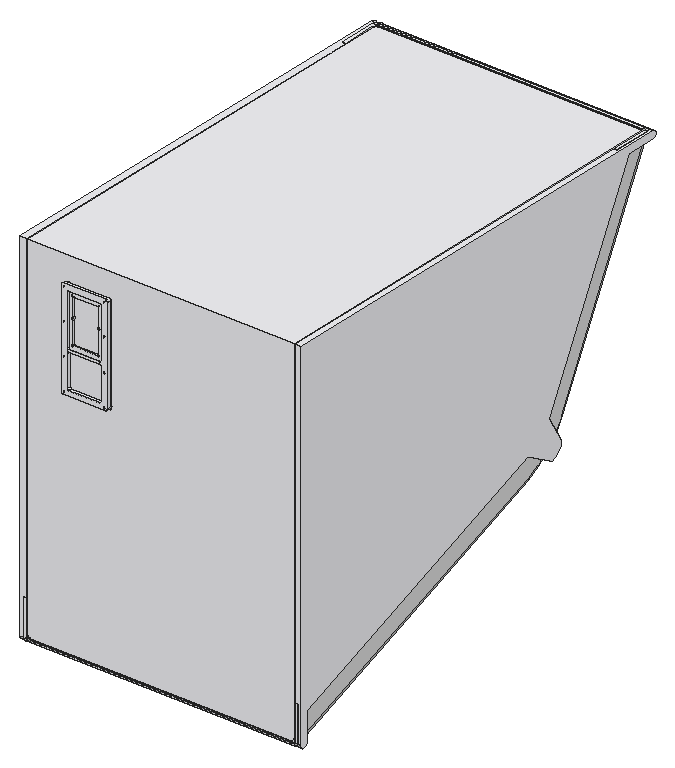
Revit family "EVC-1122-VI", category Communication Devices, Revit 2017
Family settings
  Maintain Annotation Orientation = Yes
  Round Connector Dimension = Use Diameter
  Part Type = Normal
  OmniClass Number = 23.85.10.11.11.21
  OmniClass Title = Speakers
  Work Plane-Based = Yes
  Always vertical = Yes
  Cut with Voids When Loaded = No
  Shared = No
  Room Calculation Point = No
Parameters (values of type "EVC1122VIW_12"_Speaker_White")
  Uniclass2015Code = "Pr_60_75_08_02"
  URL = ""
  ProductInformation = "https://www.electrovoice.com/binary/EVC-1122-VI_12__speaker,_vari-intense_indoor_Datasheet_51_en_27960471307.pdf"
  PlanningTools = "https://www.electrovoice.com/product.php?id=2667"
  ModelNumber = "F.01U.329.290"
  Model = ""
  MaterialRALColour = "RAL9010"
  ManufacturerURL = "https://www.electrovoice.com"
  Manufacturer = "Electro Voice"
  LoudspeakerMaterial = 13-plyWeather-resistantBirchEVCoat -RAL9010
  Default Elevation = 0.00 mm
  Width = 411.00 mm  # constant formula
  InstallationManual = "https://www.electrovoice.com/binary/EVC-1122-VI_12__speaker,_vari-intense_indoor_Datasheet_51_en_27960471307.pdf"
  IfcExportType = "IfcBuildingElementProxyType"
  IfcExportAs = "IfcBuildingElementProxy"
  Length = 527.80 mm  # constant formula
  GrillMaterial = 16GA Powder-coatedGalvanneal - W
  Disclaimer = "http://resource.boschsecurity.com/information/BIM/Disclaimer_Electrovoice.pdf"
  Description = "15-inch, two-way loudspeaker, with 90˚ x 55˚ constant directivity, rotatable waveguide. Power rating: 350 W Continuous, (1400 W Peak). Passive system: 98 dB, 129 dB maximum. Gland nut cover and stainless steel grille on PI versions. Optional high quality transformer and patented. Automatic Saturation Control (ASC) preserve low end in 70V/100V lines."
  Depth = 647.60 mm  # constant formula
  CTN = "EVC1122VIW"
  ArchitectsAndEngineersSpecs = "https://www.electrovoice.com/binary/EVC-1122-VI_12__speaker,_vari-intense_indoor_Datasheet_51_en_27960471307.pdf"
Reference planes
  plane 1 "Center (Front/Back)": y = 0
  plane 2: z = 0
  plane 3 "Center (Left/Right)": x = 0
Forms (mm)
  Extrusion 1, solid, material "13-plyWeather-resistantBirchEVCoat -RAL9010" <- "LoudspeakerMaterial"
    sketch origin (0, 0, 0) x (0, 1, 0) y (0, 0, 1)
      loop
        arc (0, 5) -> (5, 0) -> (10, 5) r 5
        line (10, 5) -> (10, 46.684) -> (413.627, 201.622) -> (453.627, 178.529)
        arc (453.627, 178.529) -> (458.736, 177.189) -> (463.814, 178.639) r 10
        arc (463.814, 178.639) -> (468.736, 182.248) -> (472.956, 186.657) r 35
        arc (472.956, 186.657) -> (475.128, 192.153) -> (473.817, 197.916) r 10
        line (473.817, 197.916) -> (452.997, 233.978) -> (597.612, 517.8) -> (642.6, 517.8)
        arc (642.6, 517.8) -> (647.6, 522.8) -> (642.6, 527.8) r 5
        line (642.6, 527.8) -> (0, 527.8) -> (0, 5)
    from -205.5 to -195.5
  Extrusion 2, solid, material "13-plyWeather-resistantBirchEVCoat -RAL9010" <- "LoudspeakerMaterial"
    sketch origin (0, 0, 0) x (0, 1, 0) y (0, 0, -1)
      loop
        line (0, -5) -> (0, -527.8) -> (642.6, -527.8)
        arc (642.6, -527.8) -> (647.6, -522.8) -> (642.6, -517.8) r 5
        line (642.6, -517.8) -> (597.612, -517.8) -> (452.997, -233.978) -> (473.817, -197.916)
        arc (473.817, -197.916) -> (475.128, -192.153) -> (472.956, -186.657) r 10
        arc (472.956, -186.657) -> (468.736, -182.248) -> (463.814, -178.639) r 35
        arc (463.814, -178.639) -> (458.736, -177.189) -> (453.627, -178.529) r 10
        line (453.627, -178.529) -> (413.627, -201.622) -> (10, -46.684) -> (10, -5)
        arc (10, -5) -> (5, 0) -> (0, -5) r 5
    from -205.5 to -195.5
  Extrusion 3, solid, material "13-plyWeather-resistantBirchEVCoat -RAL9010" <- "LoudspeakerMaterial"
    sketch origin (0, 0, 0) x (0, 1, 0) y (0, 0, 1)
      loop
        arc (642.6, 517.8) -> (647.6, 522.8) -> (642.6, 527.8) r 5
        line (642.6, 527.8) -> (0, 527.8) -> (0, 5)
        arc (0, 5) -> (5, 0) -> (10, 5) r 5
        line (10, 5) -> (10, 517.8) -> (642.6, 517.8)
    from -195.5 to 195.5
  Sweep 4, solid, material "16GA Powder-coatedGalvanneal - W" <- "GrillMaterial"
    path in 3D
      loop
        line (0, 556.002, 570.046) -> (0, 400.473, 264.803)
        arc (0, 400.473, 264.803) -> (0, 394.926, 257.575) -> (0, 387.157, 252.814) r 25
        line (0, 387.157, 252.814) -> (0, -79.633, 73.63)
    profile origin (0, 478.237, 417.425) x (0, 0.891007, -0.45399) y (1, 0, 0)
      loop
        line (43.139, -200.481) -> (91.139, -200.481)
        arc (91.139, -200.481) -> (94.674, -199.016) -> (96.139, -195.481) r 5
        line (96.139, -195.481) -> (96.139, 195.481)
        arc (96.139, 195.481) -> (94.674, 199.016) -> (91.139, 200.481) r 5
        line (91.139, 200.481) -> (43.139, 200.481) -> (43.139, 195.481) -> (86.139, 195.481)
        arc (86.139, 195.481) -> (89.674, 194.016) -> (91.139, 190.481) r 5
        line (91.139, 190.481) -> (91.139, -190.481)
        arc (91.139, -190.481) -> (89.674, -194.016) -> (86.139, -195.481) r 5
        line (86.139, -195.481) -> (43.139, -195.481) -> (43.139, -200.481)
  Extrusion 5, void
    sketch origin (0, 0, 0) x (0, 1, 0) y (0, 0, 1)
      loop
        line (642.6, 527.8) -> (642.6, 567.8) -> (-100, 567.8) -> (-100, -32.2) -> (0, -32.2) -> (0, 527.8) -> (642.6, 527.8)
    from -205.5 to 205.5
Cuts and joins
  Extrusion 5 cuts Extrusion 1
  Extrusion 5 cuts Extrusion 2
  Extrusion 5 cuts Extrusion 3
  Extrusion 5 cuts Sweep 4
Lines and regions (mm)
  sketch lines
    curve 1: line (0, 556.002, 570.046) -> (0, 400.473, 264.803)
    curve 2: arc (0, 387.157, 252.814) -> (0, 394.926, 257.575) -> (0, 400.473, 264.803) r 25
    curve 3: line (0, -79.633, 73.63) -> (0, 387.157, 252.814)
  reference lines
    curve 4: line (-205.5, 647.6, 0) -> (-200.5, 647.6, 0)
Dimensions and locks
  "Depth": cut or joined group of Extrusion 3, Extrusion 5 to curve 4
  "Width": cut or joined group of Extrusion 2, Extrusion 5 to cut or joined group of Extrusion 1, Extrusion 5
  equal spacing: cut or joined group of Extrusion 2, Extrusion 5, plane 3 "Center (Left/Right)", cut or joined group of Extrusion 1, Extrusion 5
  "Length": level to cut or joined group of Sweep 4, Extrusion 5
  aligned and locked: plane 2 to level
Automatic sketch dimensions
  curve 4 to plane 3 "Center (Left/Right)" = 205.50 mm
  curve 4 to plane 3 "Center (Left/Right)" = 200.50 mm
  curve 4 to plane 1 "Center (Front/Back)" = 647.60 mm
  Extrusion 1 sketch curve to plane 1 "Center (Front/Back)" = 0.00 mm
  Extrusion 1 sketch curve to Extrusion 1 sketch curve = 5.00 mm  (x3)
  level to Extrusion 1 sketch curve = 201.622 mm
  Extrusion 1 sketch curve to plane 1 "Center (Front/Back)" = 413.627 mm
  Extrusion 1 sketch curve to Extrusion 1 sketch curve = 32.032 mm
  Extrusion 1 sketch curve to Extrusion 1 sketch curve = 7.338 mm
  level to Extrusion 1 sketch curve = 178.529 mm
  Extrusion 1 sketch curve to Extrusion 1 sketch curve = 7.968 mm
  Extrusion 1 sketch curve to Extrusion 1 sketch curve = 6.53 mm
  level to Extrusion 1 sketch curve = 197.916 mm
  Extrusion 1 sketch curve to Extrusion 1 sketch curve = 8.66 mm  (x2)
  Extrusion 1 sketch curve to Extrusion 1 sketch curve = 144.615 mm
  Extrusion 1 sketch curve to Extrusion 1 sketch curve = 44.988 mm
  level to Extrusion 1 sketch curve = 46.684 mm
  level to Extrusion 1 sketch curve = 5.00 mm
  Extrusion 1 sketch curve to Extrusion 1 sketch curve = 5.727 mm
  Extrusion 1 sketch curve to Extrusion 1 sketch curve = 21.374 mm
  Extrusion 1 sketch curve to Extrusion 1 sketch curve = 25.415 mm
  Extrusion 1 sketch curve to Extrusion 1 sketch curve = 283.822 mm
  Extrusion 1 sketch curve to Extrusion 1 sketch curve = 0.00 mm
  Extrusion 2 sketch curve to plane 1 "Center (Front/Back)" = 0.00 mm
  Extrusion 2 sketch curve to Extrusion 2 sketch curve = 5.00 mm  (x4)
  level to Extrusion 2 sketch curve = 201.622 mm
  Extrusion 2 sketch curve to plane 1 "Center (Front/Back)" = 413.627 mm
  Extrusion 2 sketch curve to Extrusion 2 sketch curve = 32.032 mm
  Extrusion 2 sketch curve to Extrusion 2 sketch curve = 7.338 mm
  level to Extrusion 2 sketch curve = 178.529 mm
  Extrusion 2 sketch curve to Extrusion 2 sketch curve = 7.968 mm
  Extrusion 2 sketch curve to Extrusion 2 sketch curve = 6.53 mm
  level to Extrusion 2 sketch curve = 197.916 mm
  Extrusion 2 sketch curve to Extrusion 2 sketch curve = 8.66 mm
  Extrusion 2 sketch curve to Extrusion 2 sketch curve = 144.615 mm
  Extrusion 2 sketch curve to Extrusion 2 sketch curve = 44.988 mm
  Extrusion 2 sketch curve to Extrusion 2 sketch curve = 10.647 mm
  Extrusion 2 sketch curve to Extrusion 2 sketch curve = 25.415 mm
  Extrusion 2 sketch curve to Extrusion 2 sketch curve = 283.822 mm
  Extrusion 2 sketch curve to Extrusion 2 sketch curve = 5.727 mm
  level to Extrusion 2 sketch curve = 46.684 mm
  level to Extrusion 2 sketch curve = 5.00 mm
  Extrusion 2 sketch curve to Extrusion 2 sketch curve = 0.00 mm
  Extrusion 3 sketch curve to plane 1 "Center (Front/Back)" = 0.00 mm
  Extrusion 3 sketch curve to Extrusion 3 sketch curve = 5.00 mm  (x2)
  Extrusion 3 sketch curve to Extrusion 3 sketch curve = 632.60 mm
  level to Extrusion 3 sketch curve = 5.00 mm
  Extrusion 3 sketch curve to Extrusion 3 sketch curve = 512.80 mm
  Sweep 4 sketch curve to profile plane = 43.139 mm  (x2)
  Sweep 4 sketch curve to Sweep 4 sketch curve = 43.00 mm  (x2)
  Sweep 4 sketch curve to Sweep 4 sketch curve = 5.00 mm  (x4)
  Sweep 4 sketch curve to profile plane = 200.481 mm
  Sweep 4 sketch curve to Sweep 4 sketch curve = 0.00 mm  (x2)
  profile plane to Sweep 4 sketch curve = 190.481 mm
  Extrusion 5 sketch curve to plane 1 "Center (Front/Back)" = 0.00 mm
  plane 1 "Center (Front/Back)" to Extrusion 5 sketch curve = 100.00 mm
  Extrusion 5 sketch curve to plane 1 "Center (Front/Back)" = 642.60 mm
  Extrusion 5 sketch curve to level = 32.20 mm
  level to Extrusion 5 sketch curve = 527.80 mm
  Extrusion 5 sketch curve to Extrusion 5 sketch curve = 40.00 mm
Nested families
  nested 1: "2D_CabinetLoudspeaker" at (0, 0, 0) x (-1, 0, 0) z (0, 0, 1), type "LoudSpeaker"
    with Pan2D 0.00°
  nested 2: "L-EV_TURNED" at (0, 563.917, 373.059) x (0, -0.4518, -0.8921) z (-1, 0, 0), type "L-EV_TURNED"
  nested 3: "InputPanel_small" at (-140.5, 5, 420) x (0, 0, -1) z (1, 0, 0), LoudspeakerMaterial <- "LoudspeakerMaterial", type "InputPanel_small"
    with LoudspeakerMaterial 13-plyWeather-resistantBirchEVCoat -RAL9010
Connectors
  electrical at (-106.909, 0, 447.216)
    settings: on nested 3, index 1, voltage 0 V, apparent load 0 VA, apparent load phase1 0 VA, apparent load phase2 0 VA, apparent load phase3 0 VA, power factor 1, load classification "Other", number of poles 1, system type 31, power factor state 1, is connector primary yes, connector utility no, sub classification motor no, connector description ""
Definition of nested family "L-EV_TURNED"
  Parameters (values of type "L-EV_TURNED")
    Material = ""
    Default Elevation = 1219.20 mm
  Reference planes
    plane 1 "Center (Front/Back)": y = 0
    plane 2: z = 0
    plane 3 "Center (Left/Right)": x = 0
  Forms (mm)
    Extrusion 1, solid, not visible
      sketch origin (73.012, -0.5, 18.736) x (0, 0, 1) y (-1, 0, 0)
        loop
          arc (-38.866, 94.012) -> (-39.481, 93.758) -> (-39.736, 93.143) r 0.869
          line (-39.736, 93.143) -> (-39.736, 52.882)
          arc (-39.736, 52.882) -> (-39.481, 52.267) -> (-38.866, 52.012) r 0.869
          line (-38.866, 52.012) -> (1.395, 52.012)
          arc (1.395, 52.012) -> (2.01, 52.267) -> (2.264, 52.882) r 0.869
          line (2.264, 52.882) -> (2.264, 93.143)
          arc (2.264, 93.143) -> (2.01, 93.758) -> (1.395, 94.012) r 0.869
          line (1.395, 94.012) -> (-38.866, 94.012)
      from 0 to -0.5
    Extrusion 2, solid, detail levels fine
      sketch origin (73.24, 4, 18.736) x (0, 0, 1) y (-1, 0, 0)
        loop
          line (-37.736, 92.24) -> (-37.736, 54.24) -> (0.264, 54.24) -> (0.264, 92.24) -> (-37.736, 92.24)
        loop
          line (-33.659, 85.319) -> (-33.659, 66.596) -> (-21.783, 66.596) -> (-21.783, 70.665) -> (-29.2, 70.665) -> (-29.2, 73.924) -> (-21.783, 73.924) -> (-21.783, 77.992) -> (-29.2, 77.992) -> (-29.2, 81.251) -> (-21.783, 81.251) -> (-21.783, 85.319) -> (-33.659, 85.319)
        loop
          line (-20.026, 77.992) -> (-20.026, 73.924) -> (-17.153, 73.924) -> (-17.153, 59.688) -> (-12.74, 59.688) -> (-2.619, 82.277) -> (-7.421, 82.277) -> (-12.694, 70.408) -> (-12.694, 77.992) -> (-20.026, 77.992)
      from 4.5 to 5
    Extrusion 3, solid, detail levels medium+fine
      sketch origin (0, 0, 0) x (0, 0, 1) y (-1, 0, 0)
        loop
          line (19.816, 21) -> (-19.816, 21)
          arc (-19.816, 21) -> (-20.653, 20.653) -> (-21, 19.816) r 1.184
          line (-21, 19.816) -> (-21, -19.816)
          arc (-21, -19.816) -> (-20.653, -20.653) -> (-19.816, -21) r 1.184
          line (-19.816, -21) -> (19.816, -21)
          arc (19.816, -21) -> (20.653, -20.653) -> (21, -19.816) r 1.184
          line (21, -19.816) -> (21, 19.816)
          arc (21, 19.816) -> (20.653, 20.653) -> (19.816, 21) r 1.184
      from -1 to 0.5
Definition of nested family "InputPanel_small"
  Parameters (values of type "InputPanel_small")
    Material = ""
    LoudspeakerMaterial [instance] = none
    Default Elevation = 1219.20 mm
  Reference planes
    plane 1 "Center (Front/Back)": y = 0
    plane 2: z = 0
    plane 3 "Center (Left/Right)": x = 0
  Forms (mm)
    Extrusion 1, solid, material <- "LoudspeakerMaterial", not visible
      sketch origin (-97.521, -0.5, 198.121) x (-1, 0, 0) y (0, 0, -1)
        loop
          arc (-169.642, 198.043) -> (-170.257, 197.789) -> (-170.511, 197.174) r 0.869
          line (-170.511, 197.174) -> (-170.511, 131.84)
          arc (-170.511, 131.84) -> (-170.257, 131.226) -> (-169.642, 130.971) r 0.869
          line (-169.642, 130.971) -> (-25.396, 130.971)
          arc (-25.396, 130.971) -> (-24.782, 131.226) -> (-24.527, 131.84) r 0.869
          line (-24.527, 131.84) -> (-24.527, 197.174)
          arc (-24.527, 197.174) -> (-24.782, 197.789) -> (-25.396, 198.043) r 0.869
          line (-25.396, 198.043) -> (-169.642, 198.043)
      from 0 to -0.5
    Extrusion 2, solid, material <- "LoudspeakerMaterial", detail levels medium+fine
      sketch origin (1.214, 0, 125.108) x (-1, 0, 0) y (0, 0, -1)
        loop
          line (70.917, 125.031) -> (-68.488, 125.031)
          arc (-68.488, 125.031) -> (-70.813, 124.068) -> (-71.776, 121.743) r 3.288
          line (-71.776, 121.743) -> (-71.776, 61.229)
          arc (-71.776, 61.229) -> (-70.921, 59.026) -> (-68.815, 57.959) r 3.288
          line (-68.815, 57.959) -> (70.925, 57.959)
          arc (70.925, 57.959) -> (73.25, 58.922) -> (74.212, 61.247) r 3.288
          line (74.212, 61.247) -> (74.205, 121.743)
          arc (74.205, 121.743) -> (73.242, 124.068) -> (70.917, 125.031) r 3.288
        loop
          line (-16.102, 116.673) -> (-61.46, 116.673)
          arc (-61.46, 116.673) -> (-63.304, 115.909) -> (-64.067, 114.066) r 2.607
          line (-64.067, 114.066) -> (-64.067, 69.267)
          arc (-64.067, 69.267) -> (-63.304, 67.424) -> (-61.46, 66.66) r 2.607
          line (-61.46, 66.66) -> (-16.102, 66.658)
          arc (-16.102, 66.658) -> (-14.259, 67.424) -> (-13.495, 69.267) r 2.607
          line (-13.495, 69.267) -> (-13.495, 114.066)
          arc (-13.495, 114.066) -> (-14.259, 115.909) -> (-16.102, 116.673) r 2.607
        loop
          line (64.151, 116.673) -> (-8.801, 116.673)
          arc (-8.801, 116.673) -> (-10.645, 115.909) -> (-11.408, 114.066) r 2.607
          line (-11.408, 114.066) -> (-11.408, 69.267)
          arc (-11.408, 69.267) -> (-10.645, 67.424) -> (-8.801, 66.66) r 2.607
          line (-8.801, 66.66) -> (64.151, 66.658)
          arc (64.151, 66.658) -> (65.994, 67.424) -> (66.758, 69.267) r 2.607
          line (66.758, 69.267) -> (66.758, 114.066)
          arc (66.758, 114.066) -> (65.994, 115.909) -> (64.151, 116.673) r 2.607
        loop
          circle (-67.83, 121.068) r 1.368
        loop
          circle (-21.853, 121.068) r 1.368
        loop
          circle (24.255, 121.068) r 1.368
        loop
          circle (69.993, 121.068) r 1.368
        loop
          circle (-67.961, 61.771) r 1.368
        loop
          circle (-21.984, 61.771) r 1.368
        loop
          circle (24.124, 61.771) r 1.368
        loop
          circle (69.862, 61.771) r 1.368
      from 0 to 10
    Extrusion 3, solid, material <- "LoudspeakerMaterial", detail levels fine
      sketch origin (25.655, 0, 118.331) x (-1, 0, 0) y (0, 0, -1)
        loop
          arc (15.45, 109.952) -> (13.605, 109.187) -> (12.84, 107.342) r 2.61
          line (12.84, 107.342) -> (12.84, 62.493)
          arc (12.84, 62.493) -> (13.606, 60.646) -> (15.45, 59.881) r 2.61
          line (15.45, 59.881) -> (88.485, 59.883)
          arc (88.485, 59.883) -> (90.33, 60.647) -> (91.094, 62.493) r 2.61
          line (91.094, 62.493) -> (91.094, 107.342)
          arc (91.094, 107.342) -> (90.33, 109.187) -> (88.485, 109.952) r 2.61
          line (88.485, 109.952) -> (15.45, 109.952)
        loop
          line (53.049, 104.094) -> (20.673, 104.09)
          arc (20.673, 104.09) -> (20.25, 103.216) -> (19.475, 102.633) r 2.061
          line (19.475, 102.633) -> (19.479, 66.839)
          arc (19.479, 66.839) -> (20.255, 66.255) -> (20.677, 65.382) r 2.061
          line (20.677, 65.382) -> (53.053, 65.386)
          arc (53.053, 65.386) -> (55.067, 67.012) -> (57.082, 65.386) r 2.061
          line (57.082, 65.386) -> (82.875, 65.389)
          arc (82.875, 65.389) -> (83.297, 66.263) -> (84.073, 66.847) r 2.061
          line (84.073, 66.847) -> (84.068, 102.641)
          arc (84.068, 102.641) -> (83.293, 103.224) -> (82.87, 104.098) r 2.061
          line (82.87, 104.098) -> (57.077, 104.095)
          arc (57.077, 104.095) -> (55.063, 102.469) -> (53.049, 104.094) r 2.061
        loop
          circle (55.063, 104.529) r 0.832
        loop
          circle (55.063, 64.893) r 0.832
        loop
          circle (84.767, 104.529) r 0.832
        loop
          circle (84.767, 64.893) r 0.832
        loop
          circle (18.835, 104.529) r 0.832
        loop
          circle (18.835, 64.893) r 0.832
      from 7.5 to 5
    Extrusion 4, solid, material <- "LoudspeakerMaterial"
      sketch origin (1.214, 0, 125.108) x (-1, 0, 0) y (0, 0, -1)
        loop
          line (-71.776, 125.031) -> (-71.776, 57.959) -> (74.213, 57.959) -> (74.205, 125.031) -> (-71.776, 125.031)
      from 0 to 4.337
  Lines and regions (mm)
    model lines, not visible
      curve 1: arc (59.415, -9.5, 70.232) -> (59.756, -9.5, 68.636) -> (60.858, -9.5, 67.432) r 3.109
      curve 2: arc (59.414, -9.5, 82.845) -> (59.754, -9.5, 81.249) -> (60.857, -9.5, 80.045) r 3.109
      curve 3: arc (59.417, -9.5, 63.926) -> (59.752, -9.5, 62.34) -> (60.84, -9.5, 61.139) r 3.108
      curve 4: arc (59.415, -9.5, 76.539) -> (59.75, -9.5, 74.953) -> (60.838, -9.5, 73.752) r 3.108
      curve 5: arc (60.711, -9.5, 72.945) -> (59.72, -9.5, 71.753) -> (59.414, -9.5, 70.232) r 3.166
      curve 6: arc (60.71, -9.5, 85.557) -> (59.718, -9.5, 84.365) -> (59.412, -9.5, 82.845) r 3.166
      curve 7: arc (60.712, -9.5, 66.637) -> (59.721, -9.5, 65.445) -> (59.415, -9.5, 63.926) r 3.165
      curve 8: arc (60.71, -9.5, 79.25) -> (59.72, -9.5, 78.058) -> (59.414, -9.5, 76.539) r 3.165
      curve 9: arc (59.062, -9.5, 76.539) -> (58.721, -9.5, 78.135) -> (57.618, -9.5, 79.339) r 3.109
      curve 10: arc (59.063, -9.5, 63.926) -> (58.723, -9.5, 65.522) -> (57.62, -9.5, 66.726) r 3.109
      curve 11: arc (59.06, -9.5, 82.845) -> (58.725, -9.5, 84.431) -> (57.637, -9.5, 85.632) r 3.108
      curve 12: arc (59.062, -9.5, 70.232) -> (58.726, -9.5, 71.818) -> (57.638, -9.5, 73.019) r 3.108
      curve 13: arc (57.765, -9.5, 73.826) -> (58.757, -9.5, 75.018) -> (59.063, -9.5, 76.539) r 3.166
      curve 14: arc (57.767, -9.5, 61.214) -> (58.758, -9.5, 62.406) -> (59.065, -9.5, 63.926) r 3.166
      curve 15: arc (57.765, -9.5, 80.134) -> (58.756, -9.5, 81.326) -> (59.062, -9.5, 82.845) r 3.165
      curve 16: arc (57.767, -9.5, 67.521) -> (58.757, -9.5, 68.713) -> (59.063, -9.5, 70.232) r 3.165
      curve 17: arc (62.678, -9.5, 67.687) -> (63.752, -9.5, 68.757) -> (64.103, -9.5, 70.233) r 2.775
      curve 18: arc (63.369, -9.5, 67.367) -> (64.444, -9.5, 68.62) -> (64.794, -9.5, 70.233) r 3.371
      curve 19: arc (62.678, -9.5, 67.687) -> (62.999, -9.5, 67.474) -> (63.369, -9.5, 67.367) r 1.273
      curve 20: arc (62.676, -9.5, 80.299) -> (63.75, -9.5, 81.37) -> (64.101, -9.5, 82.846) r 2.775
      curve 21: arc (63.368, -9.5, 79.98) -> (64.442, -9.5, 81.233) -> (64.793, -9.5, 82.846) r 3.371
      curve 22: arc (62.676, -9.5, 80.299) -> (62.998, -9.5, 80.087) -> (63.368, -9.5, 79.98) r 1.273
      curve 23: arc (62.679, -9.5, 61.381) -> (63.752, -9.5, 62.452) -> (64.103, -9.5, 63.927) r 2.774
      curve 24: arc (63.37, -9.5, 61.062) -> (64.444, -9.5, 62.315) -> (64.794, -9.5, 63.927) r 3.37
      curve 25: arc (62.679, -9.5, 61.381) -> (63, -9.5, 61.169) -> (63.37, -9.5, 61.062) r 1.273
      curve 26: arc (62.677, -9.5, 73.994) -> (63.751, -9.5, 75.064) -> (64.101, -9.5, 76.539) r 2.774
      curve 27: arc (63.369, -9.5, 73.675) -> (64.442, -9.5, 74.927) -> (64.793, -9.5, 76.539) r 3.37
      curve 28: arc (62.677, -9.5, 73.994) -> (62.998, -9.5, 73.781) -> (63.369, -9.5, 73.675) r 1.273
      curve 29: arc (64.103, -9.5, 70.233) -> (63.752, -9.5, 71.708) -> (62.677, -9.5, 72.779) r 2.775
      curve 30: arc (63.369, -9.5, 73.098) -> (62.999, -9.5, 72.992) -> (62.677, -9.5, 72.779) r 1.273
      curve 31: arc (64.794, -9.5, 70.233) -> (64.443, -9.5, 71.846) -> (63.369, -9.5, 73.098) r 3.371
      curve 32: arc (64.101, -9.5, 82.846) -> (63.75, -9.5, 84.321) -> (62.676, -9.5, 85.392) r 2.775
      curve 33: arc (63.367, -9.5, 85.711) -> (62.997, -9.5, 85.604) -> (62.676, -9.5, 85.392) r 1.273
      curve 34: arc (64.793, -9.5, 82.846) -> (64.442, -9.5, 84.458) -> (63.367, -9.5, 85.711) r 3.371
      curve 35: arc (64.103, -9.5, 63.927) -> (63.752, -9.5, 65.401) -> (62.678, -9.5, 66.472) r 2.774
      curve 36: arc (63.37, -9.5, 66.791) -> (62.999, -9.5, 66.684) -> (62.678, -9.5, 66.472) r 1.273
      curve 37: arc (64.794, -9.5, 63.927) -> (64.444, -9.5, 65.539) -> (63.37, -9.5, 66.791) r 3.37
      curve 38: arc (64.101, -9.5, 76.539) -> (63.75, -9.5, 78.014) -> (62.676, -9.5, 79.084) r 2.774
      curve 39: arc (63.368, -9.5, 79.404) -> (62.998, -9.5, 79.297) -> (62.676, -9.5, 79.084) r 1.273
      curve 40: arc (64.793, -9.5, 76.539) -> (64.442, -9.5, 78.151) -> (63.368, -9.5, 79.404) r 3.37
      curve 41: arc (59.627, -9.5, 63.926) -> (59.978, -9.5, 62.451) -> (61.052, -9.5, 61.381) r 2.774
      curve 42: arc (61.051, -9.5, 66.471) -> (59.977, -9.5, 65.401) -> (59.627, -9.5, 63.926) r 2.774
      curve 43: arc (59.625, -9.5, 70.232) -> (59.976, -9.5, 68.757) -> (61.051, -9.5, 67.686) r 2.775
      curve 44: arc (61.05, -9.5, 72.779) -> (59.976, -9.5, 71.708) -> (59.625, -9.5, 70.232) r 2.775
      curve 45: arc (59.625, -9.5, 76.539) -> (59.976, -9.5, 75.064) -> (61.05, -9.5, 73.994) r 2.774
      curve 46: arc (61.049, -9.5, 79.084) -> (59.976, -9.5, 78.014) -> (59.625, -9.5, 76.539) r 2.774
      curve 47: arc (59.624, -9.5, 82.845) -> (59.975, -9.5, 81.37) -> (61.049, -9.5, 80.299) r 2.775
      curve 48: arc (61.049, -9.5, 85.391) -> (59.975, -9.5, 84.321) -> (59.624, -9.5, 82.845) r 2.775
      curve 49: arc (65.487, -9.5, 67.368) -> (66.537, -9.5, 68.57) -> (66.91, -9.5, 70.123) r 3.348
      curve 50: arc (65.485, -9.5, 79.98) -> (66.535, -9.5, 81.183) -> (66.909, -9.5, 82.735) r 3.348
      curve 51: arc (66.91, -9.5, 70.344) -> (66.536, -9.5, 71.896) -> (65.486, -9.5, 73.099) r 3.348
      curve 52: arc (66.909, -9.5, 82.956) -> (66.535, -9.5, 84.509) -> (65.485, -9.5, 85.711) r 3.348
      curve 53: arc (65.488, -9.5, 61.062) -> (66.543, -9.5, 62.278) -> (66.911, -9.5, 63.846) r 3.353
      curve 54: arc (65.486, -9.5, 73.675) -> (66.542, -9.5, 74.891) -> (66.909, -9.5, 76.458) r 3.353
      curve 55: arc (66.911, -9.5, 64.008) -> (66.543, -9.5, 65.576) -> (65.487, -9.5, 66.791) r 3.353
      curve 56: arc (66.909, -9.5, 76.621) -> (66.542, -9.5, 78.189) -> (65.485, -9.5, 79.404) r 3.353
      curve 57: arc (61.368, -9.5, 70.233) -> (61.701, -9.5, 68.86) -> (62.728, -9.5, 67.892) r 2.482
      curve 58: arc (61.369, -9.5, 63.926) -> (61.702, -9.5, 62.554) -> (62.729, -9.5, 61.585) r 2.482
      curve 59: arc (61.777, -9.5, 65.419) -> (61.47, -9.5, 64.701) -> (61.369, -9.5, 63.926) r 2.857
      curve 60: arc (62.453, -9.5, 65.577) -> (62.398, -9.5, 65.499) -> (62.347, -9.5, 65.419) r 2.446
      curve 61: arc (61.777, -9.5, 71.725) -> (61.469, -9.5, 71.007) -> (61.368, -9.5, 70.233) r 2.857
      curve 62: arc (62.452, -9.5, 71.883) -> (62.398, -9.5, 71.805) -> (62.346, -9.5, 71.725) r 2.446
      curve 63: arc (61.367, -9.5, 76.539) -> (61.7, -9.5, 75.167) -> (62.727, -9.5, 74.198) r 2.482
      curve 64: arc (61.367, -9.5, 82.845) -> (61.699, -9.5, 81.473) -> (62.727, -9.5, 80.504) r 2.482
      curve 65: arc (61.776, -9.5, 78.031) -> (61.469, -9.5, 77.313) -> (61.367, -9.5, 76.539) r 2.857
      curve 66: arc (62.452, -9.5, 78.19) -> (62.397, -9.5, 78.112) -> (62.345, -9.5, 78.032) r 2.446
      curve 67: arc (61.775, -9.5, 84.338) -> (61.468, -9.5, 83.62) -> (61.367, -9.5, 82.845) r 2.857
      curve 68: arc (62.451, -9.5, 84.496) -> (62.396, -9.5, 84.418) -> (62.345, -9.5, 84.338) r 2.446
      curve 69: arc (55.799, -9.5, 79.084) -> (54.725, -9.5, 78.014) -> (54.374, -9.5, 76.538) r 2.775
      curve 70: arc (55.107, -9.5, 79.404) -> (54.033, -9.5, 78.151) -> (53.682, -9.5, 76.538) r 3.371
      curve 71: arc (55.799, -9.5, 79.084) -> (55.478, -9.5, 79.297) -> (55.107, -9.5, 79.404) r 1.273
      curve 72: arc (55.8, -9.5, 66.472) -> (54.726, -9.5, 65.401) -> (54.376, -9.5, 63.925) r 2.775
      curve 73: arc (55.109, -9.5, 66.791) -> (54.035, -9.5, 65.538) -> (53.684, -9.5, 63.925) r 3.371
      curve 74: arc (55.8, -9.5, 66.472) -> (55.479, -9.5, 66.684) -> (55.109, -9.5, 66.791) r 1.273
      curve 75: arc (55.798, -9.5, 85.39) -> (54.725, -9.5, 84.319) -> (54.374, -9.5, 82.844) r 2.774
      curve 76: arc (55.107, -9.5, 85.709) -> (54.033, -9.5, 84.456) -> (53.682, -9.5, 82.844) r 3.37
      curve 77: arc (55.798, -9.5, 85.39) -> (55.477, -9.5, 85.602) -> (55.107, -9.5, 85.709) r 1.273
      curve 78: arc (55.8, -9.5, 72.777) -> (54.726, -9.5, 71.707) -> (54.376, -9.5, 70.232) r 2.774
      curve 79: arc (55.108, -9.5, 73.096) -> (54.034, -9.5, 71.844) -> (53.684, -9.5, 70.232) r 3.37
      curve 80: arc (55.8, -9.5, 72.777) -> (55.478, -9.5, 72.99) -> (55.108, -9.5, 73.096) r 1.273
      curve 81: arc (54.374, -9.5, 76.538) -> (54.725, -9.5, 75.063) -> (55.8, -9.5, 73.992) r 2.775
      curve 82: arc (55.108, -9.5, 73.673) -> (55.478, -9.5, 73.779) -> (55.8, -9.5, 73.992) r 1.273
      curve 83: arc (53.682, -9.5, 76.538) -> (54.033, -9.5, 74.925) -> (55.108, -9.5, 73.673) r 3.371
      curve 84: arc (54.376, -9.5, 63.925) -> (54.727, -9.5, 62.45) -> (55.801, -9.5, 61.379) r 2.775
      curve 85: arc (55.11, -9.5, 61.06) -> (55.48, -9.5, 61.167) -> (55.801, -9.5, 61.379) r 1.273
      curve 86: arc (53.684, -9.5, 63.925) -> (54.035, -9.5, 62.313) -> (55.11, -9.5, 61.06) r 3.371
      curve 87: arc (54.374, -9.5, 82.844) -> (54.725, -9.5, 81.369) -> (55.799, -9.5, 80.299) r 2.774
      curve 88: arc (55.107, -9.5, 79.98) -> (55.477, -9.5, 80.087) -> (55.799, -9.5, 80.299) r 1.273
      curve 89: arc (53.682, -9.5, 82.844) -> (54.033, -9.5, 81.232) -> (55.107, -9.5, 79.98) r 3.37
      curve 90: arc (54.376, -9.5, 70.232) -> (54.726, -9.5, 68.757) -> (55.8, -9.5, 67.687) r 2.774
      curve 91: arc (55.109, -9.5, 67.367) -> (55.479, -9.5, 67.474) -> (55.8, -9.5, 67.687) r 1.273
      curve 92: arc (53.684, -9.5, 70.232) -> (54.035, -9.5, 68.62) -> (55.109, -9.5, 67.367) r 3.37
      curve 93: arc (58.85, -9.5, 82.845) -> (58.499, -9.5, 84.32) -> (57.425, -9.5, 85.39) r 2.774
      curve 94: arc (57.426, -9.5, 80.3) -> (58.499, -9.5, 81.37) -> (58.85, -9.5, 82.845) r 2.774
      curve 95: arc (58.851, -9.5, 76.539) -> (58.5, -9.5, 78.014) -> (57.426, -9.5, 79.085) r 2.775
      curve 96: arc (57.427, -9.5, 73.992) -> (58.501, -9.5, 75.063) -> (58.851, -9.5, 76.539) r 2.775
      curve 97: arc (58.852, -9.5, 70.232) -> (58.501, -9.5, 71.707) -> (57.427, -9.5, 72.777) r 2.774
      curve 98: arc (57.427, -9.5, 67.687) -> (58.501, -9.5, 68.757) -> (58.852, -9.5, 70.232) r 2.774
      curve 99: arc (58.853, -9.5, 63.926) -> (58.502, -9.5, 65.401) -> (57.428, -9.5, 66.472) r 2.775
      curve 100: arc (57.428, -9.5, 61.38) -> (58.502, -9.5, 62.45) -> (58.853, -9.5, 63.926) r 2.775
      curve 101: arc (52.99, -9.5, 79.403) -> (51.94, -9.5, 78.2) -> (51.567, -9.5, 76.648) r 3.348
      curve 102: arc (52.991, -9.5, 66.791) -> (51.942, -9.5, 65.588) -> (51.568, -9.5, 64.036) r 3.348
      curve 103: arc (51.567, -9.5, 76.427) -> (51.94, -9.5, 74.875) -> (52.991, -9.5, 73.672) r 3.348
      curve 104: arc (51.568, -9.5, 63.815) -> (51.942, -9.5, 62.262) -> (52.992, -9.5, 61.06) r 3.348
      curve 105: arc (52.989, -9.5, 85.709) -> (51.933, -9.5, 84.493) -> (51.566, -9.5, 82.925) r 3.353
      curve 106: arc (52.991, -9.5, 73.096) -> (51.935, -9.5, 71.88) -> (51.567, -9.5, 70.313) r 3.353
      curve 107: arc (51.566, -9.5, 82.763) -> (51.934, -9.5, 81.195) -> (52.99, -9.5, 79.98) r 3.353
      curve 108: arc (51.567, -9.5, 70.15) -> (51.935, -9.5, 68.582) -> (52.991, -9.5, 67.367) r 3.353
      curve 109: arc (57.108, -9.5, 82.845) -> (56.775, -9.5, 84.217) -> (55.748, -9.5, 85.186) r 2.482
      curve 110: arc (57.109, -9.5, 76.538) -> (56.776, -9.5, 77.911) -> (55.749, -9.5, 78.879) r 2.482
      curve 111: arc (56.7, -9.5, 75.046) -> (57.007, -9.5, 75.764) -> (57.109, -9.5, 76.538) r 2.857
      curve 112: arc (56.024, -9.5, 74.888) -> (56.079, -9.5, 74.966) -> (56.131, -9.5, 75.046) r 2.446
      curve 113: arc (56.699, -9.5, 81.352) -> (57.007, -9.5, 82.07) -> (57.108, -9.5, 82.845) r 2.857
      curve 114: arc (56.024, -9.5, 81.194) -> (56.078, -9.5, 81.272) -> (56.13, -9.5, 81.352) r 2.446
      curve 115: arc (57.109, -9.5, 70.232) -> (56.777, -9.5, 71.604) -> (55.749, -9.5, 72.573) r 2.482
      curve 116: arc (57.11, -9.5, 63.926) -> (56.777, -9.5, 65.298) -> (55.75, -9.5, 66.267) r 2.482
      curve 117: arc (56.702, -9.5, 62.433) -> (57.009, -9.5, 63.151) -> (57.11, -9.5, 63.926) r 2.857
      curve 118: arc (56.026, -9.5, 62.275) -> (56.081, -9.5, 62.353) -> (56.132, -9.5, 62.433) r 2.446
      curve 119: arc (56.701, -9.5, 68.739) -> (57.008, -9.5, 69.458) -> (57.109, -9.5, 70.232) r 2.857
      curve 120: arc (56.025, -9.5, 68.581) -> (56.08, -9.5, 68.659) -> (56.131, -9.5, 68.739) r 2.446
      curve 121: spline (77.962, -9.5, 59.963) -> (78.093, -9.5, 59.972) -> (78.223, -9.5, 59.998) -> (78.348, -9.5, 60.04) -> (78.466, -9.5, 60.099) -> (78.576, -9.5, 60.172) -> (78.675, -9.5, 60.259) -> (78.762, -9.5, 60.358) -> (78.835, -9.5, 60.468) -> (78.894, -9.5, 60.586) -> (78.936, -9.5, 60.711) -> (78.962, -9.5, 60.841) -> (78.97, -9.5, 60.972)
      curve 122: spline (78.967, -9.5, 85.803) -> (78.959, -9.5, 85.935) -> (78.933, -9.5, 86.065) -> (78.891, -9.5, 86.19) -> (78.832, -9.5, 86.308) -> (78.759, -9.5, 86.418) -> (78.672, -9.5, 86.517) -> (78.573, -9.5, 86.604) -> (78.463, -9.5, 86.677) -> (78.344, -9.5, 86.735) -> (78.22, -9.5, 86.778) -> (78.09, -9.5, 86.804) -> (77.958, -9.5, 86.812)
      curve 123: spline (40.515, -9.5, 86.808) -> (40.383, -9.5, 86.799) -> (40.254, -9.5, 86.773) -> (40.129, -9.5, 86.731) -> (40.01, -9.5, 86.672) -> (39.901, -9.5, 86.599) -> (39.801, -9.5, 86.512) -> (39.714, -9.5, 86.413) -> (39.641, -9.5, 86.303) -> (39.583, -9.5, 86.185) -> (39.54, -9.5, 86.06) -> (39.515, -9.5, 85.93) -> (39.506, -9.5, 85.799)
      curve 124: spline (39.509, -9.5, 60.97) -> (39.517, -9.5, 60.838) -> (39.543, -9.5, 60.708) -> (39.585, -9.5, 60.583) -> (39.643, -9.5, 60.464) -> (39.717, -9.5, 60.354) -> (39.804, -9.5, 60.255) -> (39.903, -9.5, 60.168) -> (40.013, -9.5, 60.094) -> (40.131, -9.5, 60.036) -> (40.256, -9.5, 59.993) -> (40.386, -9.5, 59.967) -> (40.518, -9.5, 59.959)
      curve 125: spline (40.57, -9.5, 86.753) -> (40.438, -9.5, 86.744) -> (40.309, -9.5, 86.718) -> (40.184, -9.5, 86.676) -> (40.065, -9.5, 86.617) -> (39.956, -9.5, 86.544) -> (39.856, -9.5, 86.457) -> (39.769, -9.5, 86.358) -> (39.696, -9.5, 86.248) -> (39.638, -9.5, 86.13) -> (39.595, -9.5, 86.005) -> (39.57, -9.5, 85.875) -> (39.561, -9.5, 85.744)
      curve 126: spline (39.564, -9.5, 61.023) -> (39.573, -9.5, 60.891) -> (39.598, -9.5, 60.761) -> (39.641, -9.5, 60.636) -> (39.699, -9.5, 60.518) -> (39.773, -9.5, 60.408) -> (39.86, -9.5, 60.309) -> (39.959, -9.5, 60.222) -> (40.069, -9.5, 60.149) -> (40.187, -9.5, 60.091) -> (40.312, -9.5, 60.048) -> (40.441, -9.5, 60.022) -> (40.573, -9.5, 60.014)
      curve 127: spline (78.912, -9.5, 85.748) -> (78.904, -9.5, 85.88) -> (78.878, -9.5, 86.01) -> (78.835, -9.5, 86.134) -> (78.777, -9.5, 86.253) -> (78.704, -9.5, 86.363) -> (78.617, -9.5, 86.462) -> (78.518, -9.5, 86.549) -> (78.408, -9.5, 86.622) -> (78.289, -9.5, 86.68) -> (78.164, -9.5, 86.723) -> (78.035, -9.5, 86.749) -> (77.903, -9.5, 86.757)
      curve 128: spline (77.907, -9.5, 60.018) -> (78.038, -9.5, 60.027) -> (78.168, -9.5, 60.053) -> (78.293, -9.5, 60.095) -> (78.411, -9.5, 60.154) -> (78.521, -9.5, 60.227) -> (78.62, -9.5, 60.314) -> (78.707, -9.5, 60.413) -> (78.78, -9.5, 60.523) -> (78.839, -9.5, 60.641) -> (78.881, -9.5, 60.766) -> (78.907, -9.5, 60.896) -> (78.915, -9.5, 61.027)
      curve 129: line (63.979, -9.5, 70.233) -> (63.818, -9.5, 71.221)
      curve 130: line (63.818, -9.5, 71.221) -> (63.359, -9.5, 72.059)
      curve 131: line (63.359, -9.5, 72.059) -> (62.673, -9.5, 72.618)
      curve 132: line (62.673, -9.5, 72.618) -> (61.864, -9.5, 72.815)
      curve 133: line (61.864, -9.5, 72.815) -> (61.054, -9.5, 72.618)
      curve 134: line (61.054, -9.5, 72.618) -> (60.368, -9.5, 72.058)
      curve 135: line (60.368, -9.5, 72.058) -> (59.91, -9.5, 71.221)
      curve 136: line (59.91, -9.5, 71.221) -> (59.749, -9.5, 70.232)
      curve 137: line (59.749, -9.5, 70.232) -> (59.91, -9.5, 69.244)
      curve 138: line (59.91, -9.5, 69.244) -> (60.369, -9.5, 68.407)
      curve 139: line (60.369, -9.5, 68.407) -> (61.055, -9.5, 67.847)
      curve 140: line (61.055, -9.5, 67.847) -> (61.864, -9.5, 67.651)
      curve 141: line (61.864, -9.5, 67.651) -> (62.674, -9.5, 67.847)
      curve 142: line (62.674, -9.5, 67.847) -> (63.36, -9.5, 68.407)
      curve 143: line (63.36, -9.5, 68.407) -> (63.815, -9.5, 69.238)
      curve 144: line (63.818, -9.5, 69.245) -> (64.103, -9.5, 70.233)
      curve 145: line (64.103, -9.5, 70.233) -> (64.794, -9.5, 70.233)
      curve 146: line (64.794, -9.5, 70.233) -> (66.912, -9.5, 70.233)
      curve 147: line (66.912, -9.5, 70.233) -> (66.911, -9.5, 64.008)
      curve 148: line (63.978, -9.5, 82.846) -> (63.817, -9.5, 83.834)
      curve 149: line (63.817, -9.5, 83.834) -> (63.358, -9.5, 84.671)
      curve 150: line (63.358, -9.5, 84.671) -> (62.672, -9.5, 85.231)
      curve 151: line (62.672, -9.5, 85.231) -> (61.862, -9.5, 85.427)
      curve 152: line (61.862, -9.5, 85.427) -> (61.053, -9.5, 85.231)
      curve 153: line (61.053, -9.5, 85.231) -> (60.367, -9.5, 84.671)
      curve 154: line (60.367, -9.5, 84.671) -> (59.908, -9.5, 83.833)
      curve 155: line (59.908, -9.5, 83.833) -> (59.747, -9.5, 82.845)
      curve 156: line (59.747, -9.5, 82.845) -> (59.908, -9.5, 81.857)
      curve 157: line (59.908, -9.5, 81.857) -> (60.367, -9.5, 81.019)
      curve 158: line (60.367, -9.5, 81.019) -> (61.053, -9.5, 80.46)
      curve 159: line (61.053, -9.5, 80.46) -> (61.863, -9.5, 80.263)
      curve 160: line (61.863, -9.5, 80.263) -> (62.672, -9.5, 80.46)
      curve 161: line (62.672, -9.5, 80.46) -> (63.358, -9.5, 81.02)
      curve 162: line (63.358, -9.5, 81.02) -> (63.813, -9.5, 81.851)
      curve 163: line (63.817, -9.5, 81.857) -> (64.101, -9.5, 82.846)
      curve 164: line (64.101, -9.5, 82.846) -> (64.793, -9.5, 82.846)
      curve 165: line (64.793, -9.5, 82.846) -> (66.91, -9.5, 82.846)
      curve 166: line (66.91, -9.5, 82.846) -> (66.909, -9.5, 76.621)
      curve 167: line (63.98, -9.5, 63.927) -> (63.819, -9.5, 64.915)
      curve 168: line (63.819, -9.5, 64.915) -> (63.36, -9.5, 65.752)
      curve 169: line (63.36, -9.5, 65.752) -> (62.674, -9.5, 66.312)
      curve 170: line (62.674, -9.5, 66.312) -> (61.864, -9.5, 66.508)
      curve 171: line (61.864, -9.5, 66.508) -> (61.055, -9.5, 66.312)
      curve 172: line (61.055, -9.5, 66.312) -> (60.369, -9.5, 65.752)
      curve 173: line (60.369, -9.5, 65.752) -> (59.911, -9.5, 64.914)
      curve 174: line (59.911, -9.5, 64.914) -> (59.75, -9.5, 63.926)
      curve 175: line (59.75, -9.5, 63.926) -> (59.911, -9.5, 62.938)
      curve 176: line (59.911, -9.5, 62.938) -> (60.369, -9.5, 62.1)
      curve 177: line (60.369, -9.5, 62.1) -> (61.056, -9.5, 61.541)
      curve 178: line (61.056, -9.5, 61.541) -> (61.865, -9.5, 61.344)
      curve 179: line (61.865, -9.5, 61.344) -> (62.675, -9.5, 61.541)
      curve 180: line (62.675, -9.5, 61.541) -> (63.361, -9.5, 62.101)
      curve 181: line (63.361, -9.5, 62.101) -> (63.815, -9.5, 62.932)
      curve 182: line (63.819, -9.5, 62.938) -> (64.103, -9.5, 63.927)
      curve 183: line (64.103, -9.5, 63.927) -> (64.794, -9.5, 63.927)
      curve 184: line (64.794, -9.5, 63.927) -> (66.912, -9.5, 63.927)
      curve 185: line (66.912, -9.5, 63.927) -> (66.911, -9.5, 60.774)
      curve 186: line (66.911, -9.5, 60.774) -> (65.488, -9.5, 60.774)
      curve 187: line (65.488, -9.5, 60.774) -> (68.6, -9.5, 60.646)
      curve 188: line (68.6, -9.5, 60.646) -> (68.722, -9.5, 60.469)
      curve 189: line (68.722, -9.5, 60.469) -> (65.589, -9.5, 60.469)
      curve 190: line (65.589, -9.5, 60.469) -> (65.467, -9.5, 60.646)
      curve 191: line (63.978, -9.5, 76.539) -> (63.817, -9.5, 77.527)
      curve 192: line (63.817, -9.5, 77.527) -> (63.359, -9.5, 78.365)
      curve 193: line (63.359, -9.5, 78.365) -> (62.672, -9.5, 78.925)
      curve 194: line (62.672, -9.5, 78.925) -> (61.863, -9.5, 79.121)
      curve 195: line (61.863, -9.5, 79.121) -> (61.054, -9.5, 78.924)
      curve 196: line (61.054, -9.5, 78.924) -> (60.367, -9.5, 78.365)
      curve 197: line (60.367, -9.5, 78.365) -> (59.909, -9.5, 77.527)
      curve 198: line (59.909, -9.5, 77.527) -> (59.748, -9.5, 76.539)
      curve 199: line (59.748, -9.5, 76.539) -> (59.909, -9.5, 75.551)
      curve 200: line (59.909, -9.5, 75.551) -> (60.368, -9.5, 74.713)
      curve 201: line (60.368, -9.5, 74.713) -> (61.054, -9.5, 74.153)
      curve 202: line (61.054, -9.5, 74.153) -> (61.864, -9.5, 73.957)
      curve 203: line (61.864, -9.5, 73.957) -> (62.673, -9.5, 74.153)
      curve 204: line (62.673, -9.5, 74.153) -> (63.359, -9.5, 74.713)
      curve 205: line (63.359, -9.5, 74.713) -> (63.814, -9.5, 75.544)
      curve 206: line (63.818, -9.5, 75.551) -> (64.101, -9.5, 76.539)
      curve 207: line (64.101, -9.5, 76.539) -> (64.793, -9.5, 76.539)
      curve 208: line (64.793, -9.5, 76.539) -> (66.91, -9.5, 76.54)
      curve 209: line (66.91, -9.5, 76.54) -> (66.91, -9.5, 70.344)
      curve 210: line (61.049, -9.5, 85.998) -> (60.837, -9.5, 85.998)
      curve 211: line (60.837, -9.5, 85.998) -> (60.837, -9.5, 85.655)
      curve 212: line (60.916, -9.5, 85.517) -> (61.049, -9.5, 85.391)
      curve 213: line (61.049, -9.5, 85.391) -> (61.049, -9.5, 85.998)
      curve 214: line (61.049, -9.5, 85.998) -> (62.676, -9.5, 85.999)
      curve 215: line (62.676, -9.5, 85.999) -> (62.676, -9.5, 85.392)
      curve 216: line (62.676, -9.5, 79.084) -> (62.676, -9.5, 80.299)
      curve 217: line (62.677, -9.5, 72.779) -> (62.677, -9.5, 73.994)
      curve 218: line (62.678, -9.5, 66.472) -> (62.678, -9.5, 67.687)
      curve 219: line (61.052, -9.5, 60.773) -> (60.84, -9.5, 60.773)
      curve 220: line (60.84, -9.5, 60.773) -> (60.84, -9.5, 61.139)
      curve 221: line (60.918, -9.5, 61.255) -> (61.052, -9.5, 61.381)
      curve 222: line (61.052, -9.5, 61.381) -> (61.052, -9.5, 60.773)
      curve 223: line (61.052, -9.5, 60.773) -> (62.679, -9.5, 60.773)
      curve 224: line (62.679, -9.5, 60.773) -> (62.679, -9.5, 61.381)
      curve 225: line (60.839, -9.5, 66.735) -> (60.842, -9.5, 67.413)
      curve 226: line (60.918, -9.5, 67.56) -> (61.051, -9.5, 67.686)
      curve 227: line (61.051, -9.5, 67.686) -> (61.051, -9.5, 66.471)
      curve 228: line (61.051, -9.5, 66.471) -> (60.918, -9.5, 66.598)
      curve 229: line (61.05, -9.5, 72.779) -> (61.05, -9.5, 73.994)
      curve 230: line (61.05, -9.5, 73.994) -> (60.917, -9.5, 73.867)
      curve 231: line (60.838, -9.5, 73.752) -> (60.838, -9.5, 73.043)
      curve 232: line (60.917, -9.5, 72.905) -> (61.05, -9.5, 72.779)
      curve 233: line (60.838, -9.5, 79.348) -> (60.841, -9.5, 80.026)
      curve 234: line (60.916, -9.5, 80.173) -> (61.049, -9.5, 80.299)
      curve 235: line (61.049, -9.5, 80.299) -> (61.049, -9.5, 79.084)
      curve 236: line (61.049, -9.5, 79.084) -> (60.916, -9.5, 79.21)
      curve 237: line (65.486, -9.5, 73.675) -> (63.369, -9.5, 73.675)
      curve 238: line (63.369, -9.5, 73.675) -> (63.369, -9.5, 73.098)
      curve 239: line (63.369, -9.5, 73.098) -> (65.486, -9.5, 73.099)
      curve 240: line (65.486, -9.5, 73.099) -> (65.486, -9.5, 73.675)
      curve 241: line (65.487, -9.5, 67.368) -> (65.487, -9.5, 66.791)
      curve 242: line (65.487, -9.5, 66.791) -> (63.37, -9.5, 66.791)
      curve 243: line (63.37, -9.5, 66.791) -> (63.369, -9.5, 67.367)
      curve 244: line (63.369, -9.5, 67.367) -> (65.487, -9.5, 67.368)
      curve 245: line (65.485, -9.5, 79.98) -> (65.485, -9.5, 79.404)
      curve 246: line (65.485, -9.5, 79.404) -> (63.368, -9.5, 79.404)
      curve 247: line (63.368, -9.5, 79.404) -> (63.368, -9.5, 79.98)
      curve 248: line (63.368, -9.5, 79.98) -> (65.485, -9.5, 79.98)
      curve 249: line (63.37, -9.5, 60.773) -> (65.488, -9.5, 60.774)
      curve 250: line (65.488, -9.5, 60.774) -> (65.488, -9.5, 61.062)
      curve 251: line (65.488, -9.5, 61.062) -> (63.37, -9.5, 61.062)
      curve 252: line (63.37, -9.5, 61.062) -> (63.37, -9.5, 60.773)
      curve 253: line (63.37, -9.5, 60.773) -> (62.679, -9.5, 60.773)
      curve 254: line (62.676, -9.5, 85.999) -> (63.367, -9.5, 85.999)
      curve 255: line (63.367, -9.5, 85.999) -> (63.367, -9.5, 85.711)
      curve 256: line (63.367, -9.5, 85.711) -> (65.485, -9.5, 85.711)
      curve 257: line (65.485, -9.5, 85.711) -> (65.485, -9.5, 85.999)
      curve 258: line (65.485, -9.5, 85.999) -> (63.367, -9.5, 85.999)
      curve 259: line (63.973, -9.5, 63.722) -> (62.18, -9.5, 65.91)
      curve 260: line (62.18, -9.5, 65.91) -> (62.671, -9.5, 66.243)
      curve 261: line (63.973, -9.5, 70.028) -> (62.179, -9.5, 72.217)
      curve 262: line (62.179, -9.5, 72.217) -> (62.67, -9.5, 72.549)
      curve 263: line (63.946, -9.5, 63.467) -> (62.347, -9.5, 65.419)
      curve 264: line (62.347, -9.5, 65.419) -> (61.777, -9.5, 65.419)
      curve 265: line (61.777, -9.5, 65.419) -> (63.815, -9.5, 62.932)
      curve 266: line (63.945, -9.5, 69.773) -> (62.346, -9.5, 71.725)
      curve 267: line (62.346, -9.5, 71.725) -> (61.777, -9.5, 71.725)
      curve 268: line (61.777, -9.5, 71.725) -> (63.815, -9.5, 69.238)
      curve 269: line (63.945, -9.5, 76.08) -> (62.345, -9.5, 78.032)
      curve 270: line (62.345, -9.5, 78.032) -> (61.776, -9.5, 78.031)
      curve 271: line (61.776, -9.5, 78.031) -> (63.814, -9.5, 75.544)
      curve 272: line (63.972, -9.5, 76.334) -> (62.178, -9.5, 78.523)
      curve 273: line (62.178, -9.5, 78.523) -> (62.669, -9.5, 78.856)
      curve 274: line (63.971, -9.5, 82.641) -> (62.178, -9.5, 84.829)
      curve 275: line (62.178, -9.5, 84.829) -> (62.669, -9.5, 85.162)
      curve 276: line (63.944, -9.5, 82.386) -> (62.345, -9.5, 84.338)
      curve 277: line (62.345, -9.5, 84.338) -> (61.775, -9.5, 84.338)
      curve 278: line (61.775, -9.5, 84.338) -> (63.813, -9.5, 81.851)
      curve 279: line (66.909, -9.5, 82.956) -> (66.908, -9.5, 85.999)
      curve 280: line (66.908, -9.5, 85.999) -> (72.332, -9.5, 86)
      curve 281: line (72.332, -9.5, 86) -> (72.335, -9.5, 60.774)
      curve 282: line (72.335, -9.5, 60.774) -> (66.911, -9.5, 60.774)
      curve 283: line (65.485, -9.5, 85.999) -> (66.908, -9.5, 85.999)
      curve 284: line (72.332, -9.5, 86) -> (72.658, -9.5, 86)
      curve 285: line (72.658, -9.5, 86) -> (72.661, -9.5, 60.775)
      curve 286: line (72.661, -9.5, 60.775) -> (72.335, -9.5, 60.774)
      curve 287: line (72.335, -9.5, 60.774) -> (72.464, -9.5, 60.647)
      curve 288: line (72.464, -9.5, 60.647) -> (72.586, -9.5, 60.47)
      curve 289: line (73.116, -9.5, 67.379) -> (73.115, -9.5, 72.891)
      curve 290: line (73.115, -9.5, 72.891) -> (77.33, -9.5, 72.891)
      curve 291: line (77.33, -9.5, 72.891) -> (77.331, -9.5, 67.379)
      curve 292: line (77.331, -9.5, 67.379) -> (73.116, -9.5, 67.379)
      curve 293: line (77.331, -9.5, 66.783) -> (77.332, -9.5, 61.272)
      curve 294: line (77.332, -9.5, 61.272) -> (73.116, -9.5, 61.271)
      curve 295: line (73.116, -9.5, 61.271) -> (73.116, -9.5, 66.783)
      curve 296: line (73.116, -9.5, 66.783) -> (77.331, -9.5, 66.783)
      curve 297: line (72.661, -9.5, 60.775) -> (77.787, -9.5, 60.775)
      curve 298: line (77.787, -9.5, 60.775) -> (77.784, -9.5, 86)
      curve 299: line (77.784, -9.5, 86) -> (72.658, -9.5, 86)
      curve 300: line (73.114, -9.5, 79.991) -> (73.113, -9.5, 85.503)
      curve 301: line (73.113, -9.5, 85.503) -> (77.329, -9.5, 85.504)
      curve 302: line (77.329, -9.5, 85.504) -> (77.329, -9.5, 79.992)
      curve 303: line (77.329, -9.5, 79.992) -> (73.114, -9.5, 79.991)
      curve 304: line (77.329, -9.5, 79.396) -> (77.33, -9.5, 73.884)
      curve 305: line (77.33, -9.5, 73.884) -> (73.115, -9.5, 73.884)
      curve 306: line (73.115, -9.5, 73.884) -> (73.114, -9.5, 79.396)
      curve 307: line (73.114, -9.5, 79.396) -> (77.329, -9.5, 79.396)
      curve 308: line (73.114, -9.5, 81.158) -> (74.522, -9.5, 81.159)
      curve 309: line (74.522, -9.5, 81.159) -> (74.848, -9.5, 80.47)
      curve 310: line (74.848, -9.5, 80.47) -> (75.233, -9.5, 79.992)
      curve 311: line (73.116, -9.5, 68.546) -> (74.524, -9.5, 68.546)
      curve 312: line (74.524, -9.5, 68.546) -> (74.849, -9.5, 67.858)
      curve 313: line (74.849, -9.5, 67.858) -> (75.235, -9.5, 67.379)
      curve 314: line (73.114, -9.5, 78.229) -> (74.523, -9.5, 78.229)
      curve 315: line (74.523, -9.5, 78.229) -> (74.848, -9.5, 78.917)
      curve 316: line (74.848, -9.5, 78.917) -> (75.233, -9.5, 79.396)
      curve 317: line (73.116, -9.5, 65.616) -> (74.524, -9.5, 65.616)
      curve 318: line (74.524, -9.5, 65.616) -> (74.85, -9.5, 66.304)
      curve 319: line (74.85, -9.5, 66.304) -> (75.235, -9.5, 66.783)
      curve 320: line (73.116, -9.5, 62.239) -> (74.525, -9.5, 62.24)
      curve 321: line (74.525, -9.5, 62.24) -> (74.85, -9.5, 61.552)
      curve 322: line (74.85, -9.5, 61.552) -> (75.076, -9.5, 61.271)
      curve 323: line (73.115, -9.5, 74.852) -> (74.523, -9.5, 74.852)
      curve 324: line (74.523, -9.5, 74.852) -> (74.849, -9.5, 74.164)
      curve 325: line (74.849, -9.5, 74.164) -> (75.074, -9.5, 73.884)
      curve 326: line (73.115, -9.5, 71.922) -> (74.524, -9.5, 71.923)
      curve 327: line (74.524, -9.5, 71.923) -> (74.849, -9.5, 72.611)
      curve 328: line (75.074, -9.5, 72.891) -> (74.849, -9.5, 72.611)
      curve 329: line (74.849, -9.5, 72.611) -> (74.849, -9.5, 67.858)
      curve 330: line (73.114, -9.5, 84.535) -> (74.522, -9.5, 84.535)
      curve 331: line (74.522, -9.5, 84.535) -> (74.847, -9.5, 85.223)
      curve 332: line (74.847, -9.5, 85.223) -> (74.848, -9.5, 80.47)
      curve 333: line (75.073, -9.5, 85.503) -> (74.847, -9.5, 85.223)
      curve 334: line (74.524, -9.5, 65.616) -> (74.525, -9.5, 62.24)
      curve 335: line (74.523, -9.5, 78.229) -> (74.523, -9.5, 74.852)
      curve 336: line (74.524, -9.5, 68.546) -> (74.524, -9.5, 71.923)
      curve 337: line (74.522, -9.5, 81.159) -> (74.522, -9.5, 84.535)
      curve 338: line (72.586, -9.5, 60.208) -> (75.719, -9.5, 60.209)
      curve 339: line (75.719, -9.5, 60.209) -> (75.719, -9.5, 60.47)
      curve 340: line (75.719, -9.5, 60.47) -> (72.586, -9.5, 60.47)
      curve 341: line (72.586, -9.5, 60.47) -> (72.586, -9.5, 60.208)
      curve 342: line (72.586, -9.5, 60.208) -> (72.005, -9.5, 60.208)
      curve 343: line (72.005, -9.5, 60.208) -> (72.005, -9.5, 60.47)
      curve 344: line (72.005, -9.5, 60.47) -> (72.127, -9.5, 60.774)
      curve 345: line (72.464, -9.5, 60.647) -> (75.597, -9.5, 60.647)
      curve 346: line (75.597, -9.5, 60.647) -> (75.719, -9.5, 60.47)
      curve 347: line (76.233, -9.5, 66.783) -> (76.233, -9.5, 61.272)
      curve 348: line (76.231, -9.5, 79.396) -> (76.232, -9.5, 73.884)
      curve 349: line (76.232, -9.5, 72.891) -> (76.233, -9.5, 67.379)
      curve 350: line (76.23, -9.5, 85.504) -> (76.231, -9.5, 79.992)
      curve 351: line (74.85, -9.5, 66.304) -> (74.85, -9.5, 61.552)
      curve 352: line (74.848, -9.5, 78.917) -> (74.849, -9.5, 74.164)
      curve 353: line (65.589, -9.5, 60.469) -> (65.589, -9.5, 60.208)
      curve 354: line (65.589, -9.5, 60.208) -> (65.009, -9.5, 60.207)
      curve 355: line (65.009, -9.5, 60.207) -> (65.009, -9.5, 60.469)
      curve 356: line (65.009, -9.5, 60.469) -> (65.131, -9.5, 60.646)
      curve 357: line (65.589, -9.5, 60.208) -> (68.722, -9.5, 60.208)
      curve 358: line (68.722, -9.5, 60.208) -> (68.722, -9.5, 60.469)
      curve 359: line (54.498, -9.5, 76.538) -> (54.659, -9.5, 75.55)
      curve 360: line (54.659, -9.5, 75.55) -> (55.117, -9.5, 74.712)
      curve 361: line (55.117, -9.5, 74.712) -> (55.804, -9.5, 74.153)
      curve 362: line (55.804, -9.5, 74.153) -> (56.613, -9.5, 73.956)
      curve 363: line (56.613, -9.5, 73.956) -> (57.422, -9.5, 74.153)
      curve 364: line (57.422, -9.5, 74.153) -> (58.109, -9.5, 74.713)
      curve 365: line (58.109, -9.5, 74.713) -> (58.567, -9.5, 75.55)
      curve 366: line (58.567, -9.5, 75.55) -> (58.728, -9.5, 76.539)
      curve 367: line (58.728, -9.5, 76.539) -> (58.567, -9.5, 77.527)
      curve 368: line (58.567, -9.5, 77.527) -> (58.108, -9.5, 78.364)
      curve 369: line (58.108, -9.5, 78.364) -> (57.422, -9.5, 78.924)
      curve 370: line (57.422, -9.5, 78.924) -> (56.612, -9.5, 79.12)
      curve 371: line (56.612, -9.5, 79.12) -> (55.803, -9.5, 78.924)
      curve 372: line (55.803, -9.5, 78.924) -> (55.117, -9.5, 78.364)
      curve 373: line (55.117, -9.5, 78.364) -> (54.662, -9.5, 77.533)
      curve 374: line (54.659, -9.5, 77.526) -> (54.374, -9.5, 76.538)
      curve 375: line (54.374, -9.5, 76.538) -> (53.682, -9.5, 76.538)
      curve 376: line (53.682, -9.5, 76.538) -> (51.565, -9.5, 76.538)
      curve 377: line (51.565, -9.5, 76.538) -> (51.566, -9.5, 82.763)
      curve 378: line (54.499, -9.5, 63.925) -> (54.66, -9.5, 62.937)
      curve 379: line (54.66, -9.5, 62.937) -> (55.119, -9.5, 62.1)
      curve 380: line (55.119, -9.5, 62.1) -> (55.805, -9.5, 61.54)
      curve 381: line (55.805, -9.5, 61.54) -> (56.615, -9.5, 61.344)
      curve 382: line (56.615, -9.5, 61.344) -> (57.424, -9.5, 61.54)
      curve 383: line (57.424, -9.5, 61.54) -> (58.11, -9.5, 62.1)
      curve 384: line (58.11, -9.5, 62.1) -> (58.569, -9.5, 62.938)
      curve 385: line (58.569, -9.5, 62.938) -> (58.729, -9.5, 63.926)
      curve 386: line (58.729, -9.5, 63.926) -> (58.568, -9.5, 64.914)
      curve 387: line (58.568, -9.5, 64.914) -> (58.11, -9.5, 65.752)
      curve 388: line (58.11, -9.5, 65.752) -> (57.423, -9.5, 66.311)
      curve 389: line (57.423, -9.5, 66.311) -> (56.614, -9.5, 66.508)
      curve 390: line (56.614, -9.5, 66.508) -> (55.805, -9.5, 66.311)
      curve 391: line (55.805, -9.5, 66.311) -> (55.118, -9.5, 65.751)
      curve 392: line (55.118, -9.5, 65.751) -> (54.664, -9.5, 64.92)
      curve 393: line (54.66, -9.5, 64.914) -> (54.376, -9.5, 63.925)
      curve 394: line (54.376, -9.5, 63.925) -> (53.684, -9.5, 63.925)
      curve 395: line (53.684, -9.5, 63.925) -> (51.566, -9.5, 63.925)
      curve 396: line (51.566, -9.5, 63.925) -> (51.567, -9.5, 70.15)
      curve 397: line (54.497, -9.5, 82.844) -> (54.658, -9.5, 81.856)
      curve 398: line (54.658, -9.5, 81.856) -> (55.117, -9.5, 81.019)
      curve 399: line (55.117, -9.5, 81.019) -> (55.803, -9.5, 80.459)
      curve 400: line (55.803, -9.5, 80.459) -> (56.612, -9.5, 80.263)
      curve 401: line (56.612, -9.5, 80.263) -> (57.422, -9.5, 80.459)
      curve 402: line (57.422, -9.5, 80.459) -> (58.108, -9.5, 81.019)
      curve 403: line (58.108, -9.5, 81.019) -> (58.566, -9.5, 81.857)
      curve 404: line (58.566, -9.5, 81.857) -> (58.727, -9.5, 82.845)
      curve 405: line (58.727, -9.5, 82.845) -> (58.566, -9.5, 83.833)
      curve 406: line (58.566, -9.5, 83.833) -> (58.107, -9.5, 84.671)
      curve 407: line (58.107, -9.5, 84.671) -> (57.421, -9.5, 85.23)
      curve 408: line (57.421, -9.5, 85.23) -> (56.612, -9.5, 85.427)
      curve 409: line (56.612, -9.5, 85.427) -> (55.802, -9.5, 85.23)
      curve 410: line (55.802, -9.5, 85.23) -> (55.116, -9.5, 84.67)
      curve 411: line (55.116, -9.5, 84.67) -> (54.661, -9.5, 83.839)
